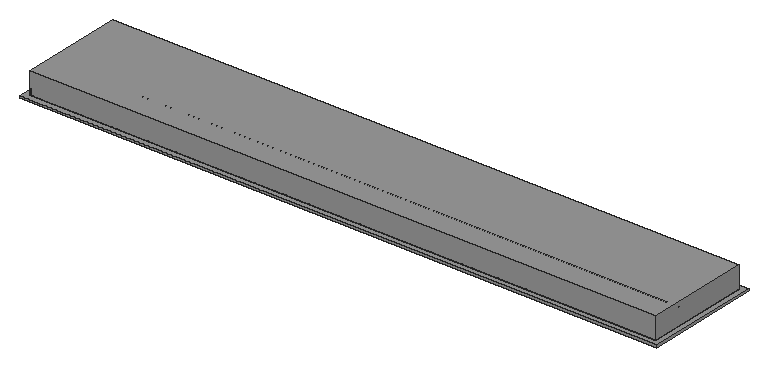
Revit family "63_UN_LEDPanel_RTP-XM 1496x296_Norton", category Lighting Fixtures, Revit 2019
Family settings
  Round Connector Dimension = Use Diameter
  Part Type = Normal
  OmniClass Number = 23.80.70.11.14.11
  OmniClass Title = Downlights
  Work Plane-Based = No
  Always vertical = Yes
  Cut with Voids When Loaded = No
  Light Source = Yes
  Shared = No
  Room Calculation Point = Yes
Parameters (values of type "RTP-XM LED 84 2 7700LM GST NOOD")
  Wattage Comments = "60W"
  Wattage = 51.8372 W
  built-in parameter 1150110 = 1 (stored number, unit not read)
  Voltage = 230 V
  URL = "https://www.ivlibrary.com/"
  Type Comments = "1496x296"
  built-in parameter 1114217 = 1 (stored number, unit not read)
  Tilt Angle = 90.00°
  built-in parameter 1150109 = 1 (stored number, unit not read)
  built-in parameter 1150134 = 3
  Symbol_ToScale [instance] = not(Symbol_RealSize)  # no
  Symbol_RealSize [instance] = yes
  Switch Code [instance] = ""
  built-in parameter 1150113 = 1 (stored number, unit not read)
  Photometric Web File = "RTPXMLED842LM7700GST_LDT.ies"
  Model = "RTP-XM"
  Manufacturer = "Norton"
  built-in parameter 1150105 = 612.75 (stored number, unit not read)
  Luminous Flux (lm) = 7700 lm
  Lumens = 7700 lm
  built-in parameter 1150115 = 1 (stored number, unit not read)
  Luminaire Code [instance] = ""
  built-in parameter 1150137 = (empty or 0)
  built-in parameter 1150139 = (empty or 0)
  built-in parameter 1150112 = 1 (stored number, unit not read)
  built-in parameter 1150114 = 1 (stored number, unit not read)
  Lamp = "LED"
  L3 = 13 mm
  L2 = 270 mm
  L1 = 1496 mm
  built-in parameter 1150132 = 2
  built-in parameter 1150102 = (empty or 0)
  built-in parameter 1150107 = 3200 (stored number, unit not read)
  built-in parameter 1150138 = (empty or 0)
  built-in parameter 1150106 = 6.1275 (stored number, unit not read)
  IfcExportType = "USERDEFINED"
  IfcExportAs = "IfcLightFixtureType"
  ISBN Code = "-"
  IP Value = "IP20"
  IK Value = "IK07"
  Housing_Material = Laminate, White
  H1 = 50.524 mm
  GTIN Code = "-"
  Emit from Rectangle Width = L1 - (L3 * 2)  # 1470 mm
  Emit from Rectangle Length = L2 - (L3 * 2)  # 244 mm
  Emit Shape Visible in Rendering = no
  built-in parameter 1150104 = 13.8 (stored number, unit not read)
  ETIM Code = "-"
  Dimming Lamp Color Temperature Shift = <None>
  Description = ""
  Content Creator® = "www.ivlibrary.com"
  Color Filter = 16777215
  Calc_L2_Symbol = L2 / 100  # 2.7 mm
  Calc_L1_Symbol = L1 / 100  # 14.96 mm
  built-in parameter 1114218 = 1 (stored number, unit not read)
  built-in parameter 1150133 = 10 (stored number, unit not read)
  Assembly Code = "63.0"
  Apparent Load = 60 VA
Types (4, lengths in mm): name | Wattage | Photometric Web File | built-in parameter 1150105 | Luminous Flux (lm) | Lumens | built-in parameter 1150106
  RTP-XM LED 83 2 7400LM GST | 3.36605 W | "RTPXMLED832LM7400GST_LDT.ies" | 39.789 (stored number, unit not read) | 7400 lm | 3600 lm | 0.39789 (stored number, unit not read)
  RTP-XM LED 84 2 7700LM GST | 51.8372 W | "RTPXMLED842LM7700GST_LDT.ies" | 612.75 (stored number, unit not read) | 7700 lm | 7700 lm | 6.1275 (stored number, unit not read)
  RTP-XM LED 83 2 7400LM GST NOOD | 3.36605 W | "RTPXMLED832LM7400GST_LDT.ies" | 39.789 (stored number, unit not read) | 7400 lm | 3600 lm | 0.39789 (stored number, unit not read)
  RTP-XM LED 84 2 7700LM GST NOOD | 51.8372 W | "RTPXMLED842LM7700GST_LDT.ies" | 612.75 (stored number, unit not read) | 7700 lm | 7700 lm | 6.1275 (stored number, unit not read)
Reference planes
  plane 1 "Center (Front/Back)": y = 0
  plane 2: z = 0
  plane 3 "Center (Left/Right)": x = 0
  plane 4: x = -735
  plane 5: x = 735
  plane 6: y = 122
  plane 7: y = -122
  plane 8: x = -748
  plane 9: x = 748
  plane 10: y = -135
  plane 11: y = 135
Forms (mm)
  Extrusion 1, solid, material "Laminate, White" <- "Housing_Material"
    sketch origin (0, 0, 0) x (1, 0, 0) y (0, 1, 0)
      loop
        line (-735, 122) -> (-735, -122) -> (735, -122) -> (735, 122) -> (-735, 122)
    from 0 to 50.524 <- "H1"
  Extrusion 2, solid, material "Laminate, White" <- "Housing_Material"
    sketch origin (0, 0, 0) x (1, 0, 0) y (0, 1, 0)
      loop
        line (-735, 122) -> (-735, -122) -> (735, -122) -> (735, 122) -> (-735, 122)
    from 0 to -1
  Extrusion 3, solid, material "Laminate, White" <- "Housing_Material"
    sketch origin (0, 0, 0) x (1, 0, 0) y (0, 1, 0)
      loop
        line (-735, 122) -> (-735, -122) -> (735, -122) -> (735, 122) -> (-735, 122)
      loop
        line (-748, -135) -> (748, -135) -> (748, 135) -> (-748, 135) -> (-748, -135)
    from 0 to -5
  Extrusion 4, void
    sketch origin (298.809, -158.255, 0) x (0, 1, 0) y (0, 0, 1)
      loop
        line (196.881, -5) -> (279.164, -5) -> (279.164, 12.612) -> (272.11, 15.112)
        arc (272.11, 15.112) -> (268.862, 30.396) -> (259.68, 43.039) r 37.588
        line (259.68, 43.039) -> (216.366, 43.039)
        arc (216.366, 43.039) -> (205.244, 30.999) -> (201.212, 15.112) r 33.311
        line (201.212, 15.112) -> (196.881, 12.612) -> (196.881, -5)
    from 435.1 to -1032.676
  Extrusion 5, void
    sketch origin (298.809, 158.255, 0) x (0, -1, 0) y (0, 0, -1)
      loop
        line (196.881, 5) -> (196.881, -12.612) -> (201.212, -15.112)
        arc (201.212, -15.112) -> (205.244, -30.999) -> (216.366, -43.039) r 33.311
        line (216.366, -43.039) -> (259.68, -43.039)
        arc (259.68, -43.039) -> (268.862, -30.396) -> (272.11, -15.112) r 37.588
        line (272.11, -15.112) -> (279.164, -12.612) -> (279.164, 5) -> (196.881, 5)
    from 435.1 to -1032.676
  Extrusion 6, solid, material "Laminate, White" <- "Housing_Material"
    sketch origin (693.9, -158.255, 0) x (0, 1, 0) y (0, 0, 1)
      loop
        line (196.881, -1) -> (272.164, -1) -> (272.164, 12.612) -> (267.834, 15.112)
        arc (267.834, 15.112) -> (263.801, 30.999) -> (252.68, 43.039) r 33.311
        line (252.68, 43.039) -> (216.366, 43.039)
        arc (216.366, 43.039) -> (205.244, 30.999) -> (201.212, 15.112) r 33.311
        line (201.212, 15.112) -> (196.881, 12.612) -> (196.881, -1)
    from 1 to -1
  Extrusion 7, solid, material "Laminate, White" <- "Housing_Material"
    sketch origin (-688.6, -158.255, 0) x (0, 1, 0) y (0, 0, 1)
      loop
        line (196.881, -1) -> (272.164, -1) -> (272.164, 12.612) -> (267.834, 15.112)
        arc (267.834, 15.112) -> (263.801, 30.999) -> (252.68, 43.039) r 33.311
        line (252.68, 43.039) -> (216.366, 43.039)
        arc (216.366, 43.039) -> (205.244, 30.999) -> (201.212, 15.112) r 33.311
        line (201.212, 15.112) -> (196.881, 12.612) -> (196.881, -1)
    from 1 to -1
  Extrusion 8, solid, material "Laminate, White" <- "Housing_Material"
    sketch origin (617.094, -158.255, 0) x (0, 1, 0) y (0, 0, 1)
      loop
        line (196.881, -1) -> (272.164, -1) -> (272.164, 12.612) -> (267.834, 15.112)
        arc (267.834, 15.112) -> (263.801, 30.999) -> (252.68, 43.039) r 33.311
        line (252.68, 43.039) -> (216.366, 43.039)
        arc (216.366, 43.039) -> (205.244, 30.999) -> (201.212, 15.112) r 33.311
        line (201.212, 15.112) -> (196.881, 12.612) -> (196.881, -1)
    from 1 to -1
  Extrusion 9, solid, material "Laminate, White" <- "Housing_Material"
    sketch origin (540.289, -158.255, 0) x (0, 1, 0) y (0, 0, 1)
      loop
        line (196.881, -1) -> (272.164, -1) -> (272.164, 12.612) -> (267.834, 15.112)
        arc (267.834, 15.112) -> (263.801, 30.999) -> (252.68, 43.039) r 33.311
        line (252.68, 43.039) -> (216.366, 43.039)
        arc (216.366, 43.039) -> (205.244, 30.999) -> (201.212, 15.112) r 33.311
        line (201.212, 15.112) -> (196.881, 12.612) -> (196.881, -1)
    from 1 to -1
  Extrusion 10, solid, material "Laminate, White" <- "Housing_Material"
    sketch origin (463.483, -158.255, 0) x (0, 1, 0) y (0, 0, 1)
      loop
        line (196.881, -1) -> (272.164, -1) -> (272.164, 12.612) -> (267.834, 15.112)
        arc (267.834, 15.112) -> (263.801, 30.999) -> (252.68, 43.039) r 33.311
        line (252.68, 43.039) -> (216.366, 43.039)
        arc (216.366, 43.039) -> (205.244, 30.999) -> (201.212, 15.112) r 33.311
        line (201.212, 15.112) -> (196.881, 12.612) -> (196.881, -1)
    from 1 to -1
  Extrusion 11, solid, material "Laminate, White" <- "Housing_Material"
    sketch origin (386.678, -158.255, 0) x (0, 1, 0) y (0, 0, 1)
      loop
        line (196.881, -1) -> (272.164, -1) -> (272.164, 12.612) -> (267.834, 15.112)
        arc (267.834, 15.112) -> (263.801, 30.999) -> (252.68, 43.039) r 33.311
        line (252.68, 43.039) -> (216.366, 43.039)
        arc (216.366, 43.039) -> (205.244, 30.999) -> (201.212, 15.112) r 33.311
        line (201.212, 15.112) -> (196.881, 12.612) -> (196.881, -1)
    from 1 to -1
  Extrusion 12, solid, material "Laminate, White" <- "Housing_Material"
    sketch origin (309.872, -158.255, 0) x (0, 1, 0) y (0, 0, 1)
      loop
        line (196.881, -1) -> (272.164, -1) -> (272.164, 12.612) -> (267.834, 15.112)
        arc (267.834, 15.112) -> (263.801, 30.999) -> (252.68, 43.039) r 33.311
        line (252.68, 43.039) -> (216.366, 43.039)
        arc (216.366, 43.039) -> (205.244, 30.999) -> (201.212, 15.112) r 33.311
        line (201.212, 15.112) -> (196.881, 12.612) -> (196.881, -1)
    from 1 to -1
  Extrusion 13, solid, material "Laminate, White" <- "Housing_Material"
    sketch origin (233.067, -158.255, 0) x (0, 1, 0) y (0, 0, 1)
      loop
        line (196.881, -1) -> (272.164, -1) -> (272.164, 12.612) -> (267.834, 15.112)
        arc (267.834, 15.112) -> (263.801, 30.999) -> (252.68, 43.039) r 33.311
        line (252.68, 43.039) -> (216.366, 43.039)
        arc (216.366, 43.039) -> (205.244, 30.999) -> (201.212, 15.112) r 33.311
        line (201.212, 15.112) -> (196.881, 12.612) -> (196.881, -1)
    from 1 to -1
  Extrusion 14, solid, material "Laminate, White" <- "Housing_Material"
    sketch origin (156.261, -158.255, 0) x (0, 1, 0) y (0, 0, 1)
      loop
        line (196.881, -1) -> (272.164, -1) -> (272.164, 12.612) -> (267.834, 15.112)
        arc (267.834, 15.112) -> (263.801, 30.999) -> (252.68, 43.039) r 33.311
        line (252.68, 43.039) -> (216.366, 43.039)
        arc (216.366, 43.039) -> (205.244, 30.999) -> (201.212, 15.112) r 33.311
        line (201.212, 15.112) -> (196.881, 12.612) -> (196.881, -1)
    from 1 to -1
  Extrusion 15, solid, material "Laminate, White" <- "Housing_Material"
    sketch origin (79.456, -158.255, 0) x (0, 1, 0) y (0, 0, 1)
      loop
        line (196.881, -1) -> (272.164, -1) -> (272.164, 12.612) -> (267.834, 15.112)
        arc (267.834, 15.112) -> (263.801, 30.999) -> (252.68, 43.039) r 33.311
        line (252.68, 43.039) -> (216.366, 43.039)
        arc (216.366, 43.039) -> (205.244, 30.999) -> (201.212, 15.112) r 33.311
        line (201.212, 15.112) -> (196.881, 12.612) -> (196.881, -1)
    from 1 to -1
  Extrusion 16, solid, material "Laminate, White" <- "Housing_Material"
    sketch origin (2.65, -158.255, 0) x (0, 1, 0) y (0, 0, 1)
      loop
        line (196.881, -1) -> (272.164, -1) -> (272.164, 12.612) -> (267.834, 15.112)
        arc (267.834, 15.112) -> (263.801, 30.999) -> (252.68, 43.039) r 33.311
        line (252.68, 43.039) -> (216.366, 43.039)
        arc (216.366, 43.039) -> (205.244, 30.999) -> (201.212, 15.112) r 33.311
        line (201.212, 15.112) -> (196.881, 12.612) -> (196.881, -1)
    from 1 to -1
  Extrusion 17, solid, material "Laminate, White" <- "Housing_Material"
    sketch origin (-74.156, -158.255, 0) x (0, 1, 0) y (0, 0, 1)
      loop
        line (196.881, -1) -> (272.164, -1) -> (272.164, 12.612) -> (267.834, 15.112)
        arc (267.834, 15.112) -> (263.801, 30.999) -> (252.68, 43.039) r 33.311
        line (252.68, 43.039) -> (216.366, 43.039)
        arc (216.366, 43.039) -> (205.244, 30.999) -> (201.212, 15.112) r 33.311
        line (201.212, 15.112) -> (196.881, 12.612) -> (196.881, -1)
    from 1 to -1
  Extrusion 18, solid, material "Laminate, White" <- "Housing_Material"
    sketch origin (-150.961, -158.255, 0) x (0, 1, 0) y (0, 0, 1)
      loop
        line (196.881, -1) -> (272.164, -1) -> (272.164, 12.612) -> (267.834, 15.112)
        arc (267.834, 15.112) -> (263.801, 30.999) -> (252.68, 43.039) r 33.311
        line (252.68, 43.039) -> (216.366, 43.039)
        arc (216.366, 43.039) -> (205.244, 30.999) -> (201.212, 15.112) r 33.311
        line (201.212, 15.112) -> (196.881, 12.612) -> (196.881, -1)
    from 1 to -1
  Extrusion 19, solid, material "Laminate, White" <- "Housing_Material"
    sketch origin (-227.767, -158.255, 0) x (0, 1, 0) y (0, 0, 1)
      loop
        line (196.881, -1) -> (272.164, -1) -> (272.164, 12.612) -> (267.834, 15.112)
        arc (267.834, 15.112) -> (263.801, 30.999) -> (252.68, 43.039) r 33.311
        line (252.68, 43.039) -> (216.366, 43.039)
        arc (216.366, 43.039) -> (205.244, 30.999) -> (201.212, 15.112) r 33.311
        line (201.212, 15.112) -> (196.881, 12.612) -> (196.881, -1)
    from 1 to -1
  Extrusion 20, solid, material "Laminate, White" <- "Housing_Material"
    sketch origin (-304.572, -158.255, 0) x (0, 1, 0) y (0, 0, 1)
      loop
        line (196.881, -1) -> (272.164, -1) -> (272.164, 12.612) -> (267.834, 15.112)
        arc (267.834, 15.112) -> (263.801, 30.999) -> (252.68, 43.039) r 33.311
        line (252.68, 43.039) -> (216.366, 43.039)
        arc (216.366, 43.039) -> (205.244, 30.999) -> (201.212, 15.112) r 33.311
        line (201.212, 15.112) -> (196.881, 12.612) -> (196.881, -1)
    from 1 to -1
  Extrusion 21, solid, material "Laminate, White" <- "Housing_Material"
    sketch origin (-381.378, -158.255, 0) x (0, 1, 0) y (0, 0, 1)
      loop
        line (196.881, -1) -> (272.164, -1) -> (272.164, 12.612) -> (267.834, 15.112)
        arc (267.834, 15.112) -> (263.801, 30.999) -> (252.68, 43.039) r 33.311
        line (252.68, 43.039) -> (216.366, 43.039)
        arc (216.366, 43.039) -> (205.244, 30.999) -> (201.212, 15.112) r 33.311
        line (201.212, 15.112) -> (196.881, 12.612) -> (196.881, -1)
    from 1 to -1
  Extrusion 22, solid, material "Laminate, White" <- "Housing_Material"
    sketch origin (-458.183, -158.255, 0) x (0, 1, 0) y (0, 0, 1)
      loop
        line (196.881, -1) -> (272.164, -1) -> (272.164, 12.612) -> (267.834, 15.112)
        arc (267.834, 15.112) -> (263.801, 30.999) -> (252.68, 43.039) r 33.311
        line (252.68, 43.039) -> (216.366, 43.039)
        arc (216.366, 43.039) -> (205.244, 30.999) -> (201.212, 15.112) r 33.311
        line (201.212, 15.112) -> (196.881, 12.612) -> (196.881, -1)
    from 1 to -1
  Extrusion 23, solid, material "Laminate, White" <- "Housing_Material"
    sketch origin (-534.989, -158.255, 0) x (0, 1, 0) y (0, 0, 1)
      loop
        line (196.881, -1) -> (272.164, -1) -> (272.164, 12.612) -> (267.834, 15.112)
        arc (267.834, 15.112) -> (263.801, 30.999) -> (252.68, 43.039) r 33.311
        line (252.68, 43.039) -> (216.366, 43.039)
        arc (216.366, 43.039) -> (205.244, 30.999) -> (201.212, 15.112) r 33.311
        line (201.212, 15.112) -> (196.881, 12.612) -> (196.881, -1)
    from 1 to -1
  Extrusion 24, solid, material "Laminate, White" <- "Housing_Material"
    sketch origin (-611.794, -158.255, 0) x (0, 1, 0) y (0, 0, 1)
      loop
        line (196.881, -1) -> (272.164, -1) -> (272.164, 12.612) -> (267.834, 15.112)
        arc (267.834, 15.112) -> (263.801, 30.999) -> (252.68, 43.039) r 33.311
        line (252.68, 43.039) -> (216.366, 43.039)
        arc (216.366, 43.039) -> (205.244, 30.999) -> (201.212, 15.112) r 33.311
        line (201.212, 15.112) -> (196.881, 12.612) -> (196.881, -1)
    from 1 to -1
  Extrusion 25, solid, material "Glass, White, High Luminance"
    sketch origin (298.809, 307.274, 0) x (0, -1, 0) y (1, 0, 0)
      loop
        line (245.662, 435.1) -> (209.351, 435.1) -> (209.351, -1032.676) -> (245.662, -1032.676) -> (245.662, 435.1)
    from 43.039 to 41.487
  Extrusion 26, solid, material "Glass, White, High Luminance"
    sketch origin (298.809, -307.274, 0) x (0, 1, 0) y (-1, 0, 0)
      loop
        line (245.662, -435.1) -> (245.662, 1032.676) -> (209.351, 1032.676) -> (209.351, -435.1) -> (245.662, -435.1)
    from 43.039 to 41.487
  Extrusion 27, solid, material "Laminate, White" <- "Housing_Material"
    sketch origin (693.9, -158.255, 0) x (0, 1, 0) y (0, 0, 1)
      loop
        line (119.629, -1) -> (119.629, 12.612) -> (115.299, 15.112)
        arc (115.299, 15.112) -> (111.266, 30.999) -> (100.144, 43.039) r 33.311
        line (100.144, 43.039) -> (63.831, 43.039)
        arc (63.831, 43.039) -> (52.709, 30.999) -> (48.676, 15.112) r 33.311
        line (48.676, 15.112) -> (44.346, 12.612) -> (44.346, -1) -> (119.629, -1)
    from 1 to -1
  Extrusion 28, solid, material "Laminate, White" <- "Housing_Material"
    sketch origin (-688.6, -158.255, 0) x (0, 1, 0) y (0, 0, 1)
      loop
        line (119.629, -1) -> (119.629, 12.612) -> (115.299, 15.112)
        arc (115.299, 15.112) -> (111.266, 30.999) -> (100.144, 43.039) r 33.311
        line (100.144, 43.039) -> (63.831, 43.039)
        arc (63.831, 43.039) -> (52.709, 30.999) -> (48.676, 15.112) r 33.311
        line (48.676, 15.112) -> (44.346, 12.612) -> (44.346, -1) -> (119.629, -1)
    from 1 to -1
  Extrusion 29, solid, material "Laminate, White" <- "Housing_Material"
    sketch origin (617.094, -158.255, 0) x (0, 1, 0) y (0, 0, 1)
      loop
        line (119.629, -1) -> (119.629, 12.612) -> (115.299, 15.112)
        arc (115.299, 15.112) -> (111.266, 30.999) -> (100.144, 43.039) r 33.311
        line (100.144, 43.039) -> (63.831, 43.039)
        arc (63.831, 43.039) -> (52.709, 30.999) -> (48.676, 15.112) r 33.311
        line (48.676, 15.112) -> (44.346, 12.612) -> (44.346, -1) -> (119.629, -1)
    from 1 to -1
  Extrusion 30, solid, material "Laminate, White" <- "Housing_Material"
    sketch origin (540.289, -158.255, 0) x (0, 1, 0) y (0, 0, 1)
      loop
        line (119.629, -1) -> (119.629, 12.612) -> (115.299, 15.112)
        arc (115.299, 15.112) -> (111.266, 30.999) -> (100.144, 43.039) r 33.311
        line (100.144, 43.039) -> (63.831, 43.039)
        arc (63.831, 43.039) -> (52.709, 30.999) -> (48.676, 15.112) r 33.311
        line (48.676, 15.112) -> (44.346, 12.612) -> (44.346, -1) -> (119.629, -1)
    from 1 to -1
  Extrusion 31, solid, material "Laminate, White" <- "Housing_Material"
    sketch origin (463.483, -158.255, 0) x (0, 1, 0) y (0, 0, 1)
      loop
        line (119.629, -1) -> (119.629, 12.612) -> (115.299, 15.112)
        arc (115.299, 15.112) -> (111.266, 30.999) -> (100.144, 43.039) r 33.311
        line (100.144, 43.039) -> (63.831, 43.039)
        arc (63.831, 43.039) -> (52.709, 30.999) -> (48.676, 15.112) r 33.311
        line (48.676, 15.112) -> (44.346, 12.612) -> (44.346, -1) -> (119.629, -1)
    from 1 to -1
  Extrusion 32, solid, material "Laminate, White" <- "Housing_Material"
    sketch origin (386.678, -158.255, 0) x (0, 1, 0) y (0, 0, 1)
      loop
        line (119.629, -1) -> (119.629, 12.612) -> (115.299, 15.112)
        arc (115.299, 15.112) -> (111.266, 30.999) -> (100.144, 43.039) r 33.311
        line (100.144, 43.039) -> (63.831, 43.039)
        arc (63.831, 43.039) -> (52.709, 30.999) -> (48.676, 15.112) r 33.311
        line (48.676, 15.112) -> (44.346, 12.612) -> (44.346, -1) -> (119.629, -1)
    from 1 to -1
  Extrusion 33, solid, material "Laminate, White" <- "Housing_Material"
    sketch origin (309.872, -158.255, 0) x (0, 1, 0) y (0, 0, 1)
      loop
        line (119.629, -1) -> (119.629, 12.612) -> (115.299, 15.112)
        arc (115.299, 15.112) -> (111.266, 30.999) -> (100.144, 43.039) r 33.311
        line (100.144, 43.039) -> (63.831, 43.039)
        arc (63.831, 43.039) -> (52.709, 30.999) -> (48.676, 15.112) r 33.311
        line (48.676, 15.112) -> (44.346, 12.612) -> (44.346, -1) -> (119.629, -1)
    from 1 to -1
  Extrusion 34, solid, material "Laminate, White" <- "Housing_Material"
    sketch origin (233.067, -158.255, 0) x (0, 1, 0) y (0, 0, 1)
      loop
        line (119.629, -1) -> (119.629, 12.612) -> (115.299, 15.112)
        arc (115.299, 15.112) -> (111.266, 30.999) -> (100.144, 43.039) r 33.311
        line (100.144, 43.039) -> (63.831, 43.039)
        arc (63.831, 43.039) -> (52.709, 30.999) -> (48.676, 15.112) r 33.311
        line (48.676, 15.112) -> (44.346, 12.612) -> (44.346, -1) -> (119.629, -1)
    from 1 to -1
  Extrusion 35, solid, material "Laminate, White" <- "Housing_Material"
    sketch origin (156.261, -158.255, 0) x (0, 1, 0) y (0, 0, 1)
      loop
        line (119.629, -1) -> (119.629, 12.612) -> (115.299, 15.112)
        arc (115.299, 15.112) -> (111.266, 30.999) -> (100.144, 43.039) r 33.311
        line (100.144, 43.039) -> (63.831, 43.039)
        arc (63.831, 43.039) -> (52.709, 30.999) -> (48.676, 15.112) r 33.311
        line (48.676, 15.112) -> (44.346, 12.612) -> (44.346, -1) -> (119.629, -1)
    from 1 to -1
  Extrusion 36, solid, material "Laminate, White" <- "Housing_Material"
    sketch origin (79.456, -158.255, 0) x (0, 1, 0) y (0, 0, 1)
      loop
        line (119.629, -1) -> (119.629, 12.612) -> (115.299, 15.112)
        arc (115.299, 15.112) -> (111.266, 30.999) -> (100.144, 43.039) r 33.311
        line (100.144, 43.039) -> (63.831, 43.039)
        arc (63.831, 43.039) -> (52.709, 30.999) -> (48.676, 15.112) r 33.311
        line (48.676, 15.112) -> (44.346, 12.612) -> (44.346, -1) -> (119.629, -1)
    from 1 to -1
  Extrusion 37, solid, material "Laminate, White" <- "Housing_Material"
    sketch origin (2.65, -158.255, 0) x (0, 1, 0) y (0, 0, 1)
      loop
        line (119.629, -1) -> (119.629, 12.612) -> (115.299, 15.112)
        arc (115.299, 15.112) -> (111.266, 30.999) -> (100.144, 43.039) r 33.311
        line (100.144, 43.039) -> (63.831, 43.039)
        arc (63.831, 43.039) -> (52.709, 30.999) -> (48.676, 15.112) r 33.311
        line (48.676, 15.112) -> (44.346, 12.612) -> (44.346, -1) -> (119.629, -1)
    from 1 to -1
  Extrusion 38, solid, material "Laminate, White" <- "Housing_Material"
    sketch origin (-74.156, -158.255, 0) x (0, 1, 0) y (0, 0, 1)
      loop
        line (119.629, -1) -> (119.629, 12.612) -> (115.299, 15.112)
        arc (115.299, 15.112) -> (111.266, 30.999) -> (100.144, 43.039) r 33.311
        line (100.144, 43.039) -> (63.831, 43.039)
        arc (63.831, 43.039) -> (52.709, 30.999) -> (48.676, 15.112) r 33.311
        line (48.676, 15.112) -> (44.346, 12.612) -> (44.346, -1) -> (119.629, -1)
    from 1 to -1
  Extrusion 39, solid, material "Laminate, White" <- "Housing_Material"
    sketch origin (-150.961, -158.255, 0) x (0, 1, 0) y (0, 0, 1)
      loop
        line (119.629, -1) -> (119.629, 12.612) -> (115.299, 15.112)
        arc (115.299, 15.112) -> (111.266, 30.999) -> (100.144, 43.039) r 33.311
        line (100.144, 43.039) -> (63.831, 43.039)
        arc (63.831, 43.039) -> (52.709, 30.999) -> (48.676, 15.112) r 33.311
        line (48.676, 15.112) -> (44.346, 12.612) -> (44.346, -1) -> (119.629, -1)
    from 1 to -1
  Extrusion 40, solid, material "Laminate, White" <- "Housing_Material"
    sketch origin (-227.767, -158.255, 0) x (0, 1, 0) y (0, 0, 1)
      loop
        line (119.629, -1) -> (119.629, 12.612) -> (115.299, 15.112)
        arc (115.299, 15.112) -> (111.266, 30.999) -> (100.144, 43.039) r 33.311
        line (100.144, 43.039) -> (63.831, 43.039)
        arc (63.831, 43.039) -> (52.709, 30.999) -> (48.676, 15.112) r 33.311
        line (48.676, 15.112) -> (44.346, 12.612) -> (44.346, -1) -> (119.629, -1)
    from 1 to -1
  Extrusion 41, solid, material "Laminate, White" <- "Housing_Material"
    sketch origin (-304.572, -158.255, 0) x (0, 1, 0) y (0, 0, 1)
      loop
        line (119.629, -1) -> (119.629, 12.612) -> (115.299, 15.112)
        arc (115.299, 15.112) -> (111.266, 30.999) -> (100.144, 43.039) r 33.311
        line (100.144, 43.039) -> (63.831, 43.039)
        arc (63.831, 43.039) -> (52.709, 30.999) -> (48.676, 15.112) r 33.311
        line (48.676, 15.112) -> (44.346, 12.612) -> (44.346, -1) -> (119.629, -1)
    from 1 to -1
  Extrusion 42, solid, material "Laminate, White" <- "Housing_Material"
    sketch origin (-381.378, -158.255, 0) x (0, 1, 0) y (0, 0, 1)
      loop
        line (119.629, -1) -> (119.629, 12.612) -> (115.299, 15.112)
        arc (115.299, 15.112) -> (111.266, 30.999) -> (100.144, 43.039) r 33.311
        line (100.144, 43.039) -> (63.831, 43.039)
        arc (63.831, 43.039) -> (52.709, 30.999) -> (48.676, 15.112) r 33.311
        line (48.676, 15.112) -> (44.346, 12.612) -> (44.346, -1) -> (119.629, -1)
    from 1 to -1
  Extrusion 43, solid, material "Laminate, White" <- "Housing_Material"
    sketch origin (-458.183, -158.255, 0) x (0, 1, 0) y (0, 0, 1)
      loop
        line (119.629, -1) -> (119.629, 12.612) -> (115.299, 15.112)
        arc (115.299, 15.112) -> (111.266, 30.999) -> (100.144, 43.039) r 33.311
        line (100.144, 43.039) -> (63.831, 43.039)
        arc (63.831, 43.039) -> (52.709, 30.999) -> (48.676, 15.112) r 33.311
        line (48.676, 15.112) -> (44.346, 12.612) -> (44.346, -1) -> (119.629, -1)
    from 1 to -1
  Extrusion 44, solid, material "Laminate, White" <- "Housing_Material"
    sketch origin (-534.989, -158.255, 0) x (0, 1, 0) y (0, 0, 1)
      loop
        line (119.629, -1) -> (119.629, 12.612) -> (115.299, 15.112)
        arc (115.299, 15.112) -> (111.266, 30.999) -> (100.144, 43.039) r 33.311
        line (100.144, 43.039) -> (63.831, 43.039)
        arc (63.831, 43.039) -> (52.709, 30.999) -> (48.676, 15.112) r 33.311
        line (48.676, 15.112) -> (44.346, 12.612) -> (44.346, -1) -> (119.629, -1)
    from 1 to -1
  Extrusion 45, solid, material "Laminate, White" <- "Housing_Material"
    sketch origin (-611.794, -158.255, 0) x (0, 1, 0) y (0, 0, 1)
      loop
        line (119.629, -1) -> (119.629, 12.612) -> (115.299, 15.112)
        arc (115.299, 15.112) -> (111.266, 30.999) -> (100.144, 43.039) r 33.311
        line (100.144, 43.039) -> (63.831, 43.039)
        arc (63.831, 43.039) -> (52.709, 30.999) -> (48.676, 15.112) r 33.311
        line (48.676, 15.112) -> (44.346, 12.612) -> (44.346, -1) -> (119.629, -1)
    from 1 to -1
  Extrusion 46, solid, material "Glass, White, High Luminance"
    sketch origin (298.809, -307.274, 0) x (0, 1, 0) y (-1, 0, 0)
      loop
        line (245.662, -435.1) -> (245.662, 1032.676) -> (209.351, 1032.676) -> (209.351, -435.1) -> (245.662, -435.1)
    from 43.039 to 41.487
Cuts and joins
  Extrusion 4, Extrusion 5 cuts Extrusion 1
  Extrusion 4, Extrusion 5 cuts Extrusion 2
  Extrusion 4 cuts Extrusion 3
Lines and regions (mm)
  symbolic lines, visible <- "Symbol_RealSize"
    curve 1: line (-748, -135, 0) -> (748, -135, 0)
    curve 2: line (-748, 135, 0) -> (-748, -135, 0)
    curve 3: line (748, 135, 0) -> (-748, 135, 0)
    curve 4: line (748, -135, 0) -> (748, 135, 0)
    curve 5: line (748, -135, 0) -> (-748, -135, 0)
Dimensions and locks
  equal spacing: plane 11, plane 1 "Center (Front/Back)", plane 10
  equal spacing: plane 8, plane 3 "Center (Left/Right)", plane 9
  "L1": plane 8 to plane 9
  "L2": plane 11 to plane 10
  "H1": Extrusion 1 to level
  "L3": plane 8 to plane 4
  "L3": plane 5 to plane 9
  "L3": plane 6 to plane 11
  "L3": plane 7 to plane 10
  aligned and locked: level to plane 2
  aligned and locked: Extrusion 1 sketch curve to plane 6
  aligned and locked: plane 4 to Extrusion 1 sketch curve
  aligned and locked: plane 7 to Extrusion 1 sketch curve
  aligned and locked: plane 5 to Extrusion 1 sketch curve
  aligned and locked: Extrusion 2 sketch curve to Extrusion 1  (x4)
  aligned and locked: plane 11 to Extrusion 3
  aligned and locked: plane 9 to Extrusion 3
  aligned and locked: plane 10 to Extrusion 3
  aligned and locked: plane 8 to Extrusion 3
  aligned and locked: plane 9 to Extrusion 3 sketch curve
  aligned and locked: plane 10 to Extrusion 3 sketch curve
  aligned and locked: plane 8 to Extrusion 3 sketch curve
  aligned and locked: plane 11 to Extrusion 3 sketch curve
  aligned and locked: plane 5 to Extrusion 3 sketch curve
  aligned and locked: Extrusion 3 sketch curve to plane 6
  aligned and locked: plane 4 to Extrusion 3 sketch curve
  aligned and locked: plane 7 to Extrusion 3 sketch curve
Automatic sketch dimensions
  Extrusion 6 sketch curve to Extrusion 6 sketch curve = 0 mm  (x4)
  Extrusion 6 sketch curve to Extrusion 6 sketch curve = 4.33 mm  (x2)
  Extrusion 6 sketch curve to Extrusion 6 sketch curve = 15.154 mm
  Extrusion 6 sketch curve to Extrusion 6 sketch curve = 33.311 mm
  Extrusion 6 sketch curve to Extrusion 6 sketch curve = 18.157 mm
  Extrusion 6 sketch curve to Extrusion 6 sketch curve = 13.612 mm  (x2)
  Extrusion 6 sketch curve to Extrusion 6 sketch curve = 2.5 mm
  Extrusion 7 sketch curve to Extrusion 7 sketch curve = 0 mm  (x4)
  Extrusion 7 sketch curve to Extrusion 7 sketch curve = 4.33 mm  (x2)
  Extrusion 7 sketch curve to Extrusion 7 sketch curve = 15.154 mm
  Extrusion 7 sketch curve to Extrusion 7 sketch curve = 33.311 mm
  Extrusion 7 sketch curve to Extrusion 7 sketch curve = 18.157 mm
  Extrusion 7 sketch curve to Extrusion 7 sketch curve = 13.612 mm  (x2)
  Extrusion 7 sketch curve to Extrusion 7 sketch curve = 2.5 mm
  Extrusion 8 sketch curve to Extrusion 8 sketch curve = 0 mm  (x4)
  Extrusion 8 sketch curve to Extrusion 8 sketch curve = 4.33 mm  (x2)
  Extrusion 8 sketch curve to Extrusion 8 sketch curve = 15.154 mm
  Extrusion 8 sketch curve to Extrusion 8 sketch curve = 33.311 mm
  Extrusion 8 sketch curve to Extrusion 8 sketch curve = 18.157 mm
  Extrusion 8 sketch curve to Extrusion 8 sketch curve = 13.612 mm  (x2)
  Extrusion 8 sketch curve to Extrusion 8 sketch curve = 2.5 mm
  Extrusion 9 sketch curve to Extrusion 9 sketch curve = 0 mm  (x4)
  Extrusion 9 sketch curve to Extrusion 9 sketch curve = 4.33 mm  (x2)
  Extrusion 9 sketch curve to Extrusion 9 sketch curve = 15.154 mm
  Extrusion 9 sketch curve to Extrusion 9 sketch curve = 33.311 mm
  Extrusion 9 sketch curve to Extrusion 9 sketch curve = 18.157 mm
  Extrusion 9 sketch curve to Extrusion 9 sketch curve = 13.612 mm  (x2)
  Extrusion 9 sketch curve to Extrusion 9 sketch curve = 2.5 mm
  Extrusion 10 sketch curve to Extrusion 10 sketch curve = 0 mm  (x4)
  Extrusion 10 sketch curve to Extrusion 10 sketch curve = 4.33 mm  (x2)
  Extrusion 10 sketch curve to Extrusion 10 sketch curve = 15.154 mm
  Extrusion 10 sketch curve to Extrusion 10 sketch curve = 33.311 mm
  Extrusion 10 sketch curve to Extrusion 10 sketch curve = 18.157 mm
  Extrusion 10 sketch curve to Extrusion 10 sketch curve = 13.612 mm  (x2)
  Extrusion 10 sketch curve to Extrusion 10 sketch curve = 2.5 mm
  Extrusion 11 sketch curve to Extrusion 11 sketch curve = 0 mm  (x4)
  Extrusion 11 sketch curve to Extrusion 11 sketch curve = 4.33 mm  (x2)
  Extrusion 11 sketch curve to Extrusion 11 sketch curve = 15.154 mm
  Extrusion 11 sketch curve to Extrusion 11 sketch curve = 33.311 mm
  Extrusion 11 sketch curve to Extrusion 11 sketch curve = 18.157 mm
  Extrusion 11 sketch curve to Extrusion 11 sketch curve = 13.612 mm  (x2)
  Extrusion 11 sketch curve to Extrusion 11 sketch curve = 2.5 mm
  Extrusion 12 sketch curve to Extrusion 12 sketch curve = 0 mm  (x4)
  Extrusion 12 sketch curve to Extrusion 12 sketch curve = 4.33 mm  (x2)
  Extrusion 12 sketch curve to Extrusion 12 sketch curve = 15.154 mm
  Extrusion 12 sketch curve to Extrusion 12 sketch curve = 33.311 mm
  Extrusion 12 sketch curve to Extrusion 12 sketch curve = 18.157 mm
  Extrusion 12 sketch curve to Extrusion 12 sketch curve = 13.612 mm  (x2)
  Extrusion 12 sketch curve to Extrusion 12 sketch curve = 2.5 mm
  Extrusion 13 sketch curve to Extrusion 13 sketch curve = 0 mm  (x4)
  Extrusion 13 sketch curve to Extrusion 13 sketch curve = 4.33 mm  (x2)
  Extrusion 13 sketch curve to Extrusion 13 sketch curve = 15.154 mm
  Extrusion 13 sketch curve to Extrusion 13 sketch curve = 33.311 mm
  Extrusion 13 sketch curve to Extrusion 13 sketch curve = 18.157 mm
  Extrusion 13 sketch curve to Extrusion 13 sketch curve = 13.612 mm  (x2)
  Extrusion 13 sketch curve to Extrusion 13 sketch curve = 2.5 mm
  Extrusion 14 sketch curve to Extrusion 14 sketch curve = 0 mm  (x4)
  Extrusion 14 sketch curve to Extrusion 14 sketch curve = 4.33 mm  (x2)
  Extrusion 14 sketch curve to Extrusion 14 sketch curve = 15.154 mm
  Extrusion 14 sketch curve to Extrusion 14 sketch curve = 33.311 mm
  Extrusion 14 sketch curve to Extrusion 14 sketch curve = 18.157 mm
  Extrusion 14 sketch curve to Extrusion 14 sketch curve = 13.612 mm  (x2)
  Extrusion 14 sketch curve to Extrusion 14 sketch curve = 2.5 mm
  Extrusion 15 sketch curve to Extrusion 15 sketch curve = 0 mm  (x4)
  Extrusion 15 sketch curve to Extrusion 15 sketch curve = 4.33 mm  (x2)
  Extrusion 15 sketch curve to Extrusion 15 sketch curve = 15.154 mm
  Extrusion 15 sketch curve to Extrusion 15 sketch curve = 33.311 mm
  Extrusion 15 sketch curve to Extrusion 15 sketch curve = 18.157 mm
  Extrusion 15 sketch curve to Extrusion 15 sketch curve = 13.612 mm  (x2)
  Extrusion 15 sketch curve to Extrusion 15 sketch curve = 2.5 mm
  Extrusion 16 sketch curve to Extrusion 16 sketch curve = 0 mm  (x4)
  Extrusion 16 sketch curve to Extrusion 16 sketch curve = 4.33 mm  (x2)
  Extrusion 16 sketch curve to Extrusion 16 sketch curve = 15.154 mm
  Extrusion 16 sketch curve to Extrusion 16 sketch curve = 33.311 mm
  Extrusion 16 sketch curve to Extrusion 16 sketch curve = 18.157 mm
  Extrusion 16 sketch curve to Extrusion 16 sketch curve = 13.612 mm  (x2)
  Extrusion 16 sketch curve to Extrusion 16 sketch curve = 2.5 mm
  Extrusion 17 sketch curve to Extrusion 17 sketch curve = 0 mm  (x4)
  Extrusion 17 sketch curve to Extrusion 17 sketch curve = 4.33 mm  (x2)
  Extrusion 17 sketch curve to Extrusion 17 sketch curve = 15.154 mm
  Extrusion 17 sketch curve to Extrusion 17 sketch curve = 33.311 mm
  Extrusion 17 sketch curve to Extrusion 17 sketch curve = 18.157 mm
  Extrusion 17 sketch curve to Extrusion 17 sketch curve = 13.612 mm  (x2)
  Extrusion 17 sketch curve to Extrusion 17 sketch curve = 2.5 mm
  Extrusion 18 sketch curve to Extrusion 18 sketch curve = 0 mm  (x4)
  Extrusion 18 sketch curve to Extrusion 18 sketch curve = 4.33 mm  (x2)
  Extrusion 18 sketch curve to Extrusion 18 sketch curve = 15.154 mm
  Extrusion 18 sketch curve to Extrusion 18 sketch curve = 33.311 mm
  Extrusion 18 sketch curve to Extrusion 18 sketch curve = 18.157 mm
  Extrusion 18 sketch curve to Extrusion 18 sketch curve = 13.612 mm  (x2)
  Extrusion 18 sketch curve to Extrusion 18 sketch curve = 2.5 mm
  Extrusion 19 sketch curve to Extrusion 19 sketch curve = 0 mm  (x4)
  Extrusion 19 sketch curve to Extrusion 19 sketch curve = 4.33 mm  (x2)
  Extrusion 19 sketch curve to Extrusion 19 sketch curve = 15.154 mm
  Extrusion 19 sketch curve to Extrusion 19 sketch curve = 33.311 mm
  Extrusion 19 sketch curve to Extrusion 19 sketch curve = 18.157 mm
  Extrusion 19 sketch curve to Extrusion 19 sketch curve = 13.612 mm  (x2)
  Extrusion 19 sketch curve to Extrusion 19 sketch curve = 2.5 mm
  Extrusion 20 sketch curve to Extrusion 20 sketch curve = 0 mm  (x4)
  Extrusion 20 sketch curve to Extrusion 20 sketch curve = 4.33 mm  (x2)
  Extrusion 20 sketch curve to Extrusion 20 sketch curve = 15.154 mm
  Extrusion 20 sketch curve to Extrusion 20 sketch curve = 33.311 mm
  Extrusion 20 sketch curve to Extrusion 20 sketch curve = 18.157 mm
  Extrusion 20 sketch curve to Extrusion 20 sketch curve = 13.612 mm  (x2)
  Extrusion 20 sketch curve to Extrusion 20 sketch curve = 2.5 mm
  Extrusion 21 sketch curve to Extrusion 21 sketch curve = 0 mm  (x4)
  Extrusion 21 sketch curve to Extrusion 21 sketch curve = 4.33 mm  (x2)
  Extrusion 21 sketch curve to Extrusion 21 sketch curve = 15.154 mm
  Extrusion 21 sketch curve to Extrusion 21 sketch curve = 33.311 mm
  Extrusion 21 sketch curve to Extrusion 21 sketch curve = 18.157 mm
  Extrusion 21 sketch curve to Extrusion 21 sketch curve = 13.612 mm  (x2)
  Extrusion 21 sketch curve to Extrusion 21 sketch curve = 2.5 mm
  Extrusion 22 sketch curve to Extrusion 22 sketch curve = 0 mm  (x4)
  Extrusion 22 sketch curve to Extrusion 22 sketch curve = 4.33 mm  (x2)
  Extrusion 22 sketch curve to Extrusion 22 sketch curve = 15.154 mm
  Extrusion 22 sketch curve to Extrusion 22 sketch curve = 33.311 mm
  Extrusion 22 sketch curve to Extrusion 22 sketch curve = 18.157 mm
  Extrusion 22 sketch curve to Extrusion 22 sketch curve = 13.612 mm  (x2)
  Extrusion 22 sketch curve to Extrusion 22 sketch curve = 2.5 mm
  Extrusion 23 sketch curve to Extrusion 23 sketch curve = 0 mm  (x4)
  Extrusion 23 sketch curve to Extrusion 23 sketch curve = 4.33 mm  (x2)
  Extrusion 23 sketch curve to Extrusion 23 sketch curve = 15.154 mm
  Extrusion 23 sketch curve to Extrusion 23 sketch curve = 33.311 mm
  Extrusion 23 sketch curve to Extrusion 23 sketch curve = 18.157 mm
  Extrusion 23 sketch curve to Extrusion 23 sketch curve = 13.612 mm  (x2)
  Extrusion 23 sketch curve to Extrusion 23 sketch curve = 2.5 mm
  Extrusion 24 sketch curve to Extrusion 24 sketch curve = 0 mm  (x4)
  Extrusion 24 sketch curve to Extrusion 24 sketch curve = 4.33 mm  (x2)
  Extrusion 24 sketch curve to Extrusion 24 sketch curve = 15.154 mm
  Extrusion 24 sketch curve to Extrusion 24 sketch curve = 33.311 mm
  Extrusion 24 sketch curve to Extrusion 24 sketch curve = 18.157 mm
  Extrusion 24 sketch curve to Extrusion 24 sketch curve = 13.612 mm  (x2)
  Extrusion 24 sketch curve to Extrusion 24 sketch curve = 2.5 mm
  Extrusion 27 sketch curve to Extrusion 27 sketch curve = 0 mm  (x4)
  Extrusion 27 sketch curve to Extrusion 27 sketch curve = 4.33 mm  (x2)
  Extrusion 27 sketch curve to Extrusion 27 sketch curve = 15.154 mm
  Extrusion 27 sketch curve to Extrusion 27 sketch curve = 33.311 mm
  Extrusion 27 sketch curve to Extrusion 27 sketch curve = 18.157 mm
  Extrusion 27 sketch curve to Extrusion 27 sketch curve = 13.612 mm  (x2)
  Extrusion 27 sketch curve to Extrusion 27 sketch curve = 2.5 mm
  Extrusion 28 sketch curve to Extrusion 28 sketch curve = 0 mm  (x4)
  Extrusion 28 sketch curve to Extrusion 28 sketch curve = 4.33 mm  (x2)
  Extrusion 28 sketch curve to Extrusion 28 sketch curve = 15.154 mm
  Extrusion 28 sketch curve to Extrusion 28 sketch curve = 33.311 mm
  Extrusion 28 sketch curve to Extrusion 28 sketch curve = 18.157 mm
  Extrusion 28 sketch curve to Extrusion 28 sketch curve = 13.612 mm  (x2)
  Extrusion 28 sketch curve to Extrusion 28 sketch curve = 2.5 mm
  Extrusion 29 sketch curve to Extrusion 29 sketch curve = 0 mm  (x4)
  Extrusion 29 sketch curve to Extrusion 29 sketch curve = 4.33 mm  (x2)
  Extrusion 29 sketch curve to Extrusion 29 sketch curve = 15.154 mm
  Extrusion 29 sketch curve to Extrusion 29 sketch curve = 33.311 mm
  Extrusion 29 sketch curve to Extrusion 29 sketch curve = 18.157 mm
  Extrusion 29 sketch curve to Extrusion 29 sketch curve = 13.612 mm  (x2)
  Extrusion 29 sketch curve to Extrusion 29 sketch curve = 2.5 mm
  Extrusion 30 sketch curve to Extrusion 30 sketch curve = 0 mm  (x4)
  Extrusion 30 sketch curve to Extrusion 30 sketch curve = 4.33 mm  (x2)
  Extrusion 30 sketch curve to Extrusion 30 sketch curve = 15.154 mm
  Extrusion 30 sketch curve to Extrusion 30 sketch curve = 33.311 mm
  Extrusion 30 sketch curve to Extrusion 30 sketch curve = 18.157 mm
  Extrusion 30 sketch curve to Extrusion 30 sketch curve = 13.612 mm  (x2)
  Extrusion 30 sketch curve to Extrusion 30 sketch curve = 2.5 mm
  Extrusion 31 sketch curve to Extrusion 31 sketch curve = 0 mm  (x4)
  Extrusion 31 sketch curve to Extrusion 31 sketch curve = 4.33 mm  (x2)
  Extrusion 31 sketch curve to Extrusion 31 sketch curve = 15.154 mm
  Extrusion 31 sketch curve to Extrusion 31 sketch curve = 33.311 mm
  Extrusion 31 sketch curve to Extrusion 31 sketch curve = 18.157 mm
  Extrusion 31 sketch curve to Extrusion 31 sketch curve = 13.612 mm  (x2)
  Extrusion 31 sketch curve to Extrusion 31 sketch curve = 2.5 mm
  Extrusion 32 sketch curve to Extrusion 32 sketch curve = 0 mm  (x4)
  Extrusion 32 sketch curve to Extrusion 32 sketch curve = 4.33 mm  (x2)
  Extrusion 32 sketch curve to Extrusion 32 sketch curve = 15.154 mm
  Extrusion 32 sketch curve to Extrusion 32 sketch curve = 33.311 mm
  Extrusion 32 sketch curve to Extrusion 32 sketch curve = 18.157 mm
  Extrusion 32 sketch curve to Extrusion 32 sketch curve = 13.612 mm  (x2)
  Extrusion 32 sketch curve to Extrusion 32 sketch curve = 2.5 mm
  Extrusion 33 sketch curve to Extrusion 33 sketch curve = 0 mm  (x4)
  Extrusion 33 sketch curve to Extrusion 33 sketch curve = 4.33 mm  (x2)
  Extrusion 33 sketch curve to Extrusion 33 sketch curve = 15.154 mm
  Extrusion 33 sketch curve to Extrusion 33 sketch curve = 33.311 mm
  Extrusion 33 sketch curve to Extrusion 33 sketch curve = 18.157 mm
  Extrusion 33 sketch curve to Extrusion 33 sketch curve = 13.612 mm  (x2)
  Extrusion 33 sketch curve to Extrusion 33 sketch curve = 2.5 mm
  Extrusion 34 sketch curve to Extrusion 34 sketch curve = 0 mm  (x4)
  Extrusion 34 sketch curve to Extrusion 34 sketch curve = 4.33 mm  (x2)
  Extrusion 34 sketch curve to Extrusion 34 sketch curve = 15.154 mm
  Extrusion 34 sketch curve to Extrusion 34 sketch curve = 33.311 mm
  Extrusion 34 sketch curve to Extrusion 34 sketch curve = 18.157 mm
  Extrusion 34 sketch curve to Extrusion 34 sketch curve = 13.612 mm  (x2)
  Extrusion 34 sketch curve to Extrusion 34 sketch curve = 2.5 mm
  Extrusion 35 sketch curve to Extrusion 35 sketch curve = 0 mm  (x4)
  Extrusion 35 sketch curve to Extrusion 35 sketch curve = 4.33 mm  (x2)
  Extrusion 35 sketch curve to Extrusion 35 sketch curve = 15.154 mm
  Extrusion 35 sketch curve to Extrusion 35 sketch curve = 33.311 mm
  Extrusion 35 sketch curve to Extrusion 35 sketch curve = 18.157 mm
  Extrusion 35 sketch curve to Extrusion 35 sketch curve = 13.612 mm  (x2)
  Extrusion 35 sketch curve to Extrusion 35 sketch curve = 2.5 mm
  Extrusion 36 sketch curve to Extrusion 36 sketch curve = 0 mm  (x4)
  Extrusion 36 sketch curve to Extrusion 36 sketch curve = 4.33 mm  (x2)
  Extrusion 36 sketch curve to Extrusion 36 sketch curve = 15.154 mm
  Extrusion 36 sketch curve to Extrusion 36 sketch curve = 33.311 mm
  Extrusion 36 sketch curve to Extrusion 36 sketch curve = 18.157 mm
  Extrusion 36 sketch curve to Extrusion 36 sketch curve = 13.612 mm  (x2)
  Extrusion 36 sketch curve to Extrusion 36 sketch curve = 2.5 mm
  Extrusion 37 sketch curve to Extrusion 37 sketch curve = 0 mm  (x4)
  Extrusion 37 sketch curve to Extrusion 37 sketch curve = 4.33 mm  (x2)
  Extrusion 37 sketch curve to Extrusion 37 sketch curve = 15.154 mm
  Extrusion 37 sketch curve to Extrusion 37 sketch curve = 33.311 mm
  Extrusion 37 sketch curve to Extrusion 37 sketch curve = 18.157 mm
  Extrusion 37 sketch curve to Extrusion 37 sketch curve = 13.612 mm  (x2)
  Extrusion 37 sketch curve to Extrusion 37 sketch curve = 2.5 mm
  Extrusion 38 sketch curve to Extrusion 38 sketch curve = 0 mm  (x4)
  Extrusion 38 sketch curve to Extrusion 38 sketch curve = 4.33 mm  (x2)
  Extrusion 38 sketch curve to Extrusion 38 sketch curve = 15.154 mm
  Extrusion 38 sketch curve to Extrusion 38 sketch curve = 33.311 mm
  Extrusion 38 sketch curve to Extrusion 38 sketch curve = 18.157 mm
  Extrusion 38 sketch curve to Extrusion 38 sketch curve = 13.612 mm  (x2)
  Extrusion 38 sketch curve to Extrusion 38 sketch curve = 2.5 mm
  Extrusion 39 sketch curve to Extrusion 39 sketch curve = 0 mm  (x4)
  Extrusion 39 sketch curve to Extrusion 39 sketch curve = 4.33 mm  (x2)
  Extrusion 39 sketch curve to Extrusion 39 sketch curve = 15.154 mm
  Extrusion 39 sketch curve to Extrusion 39 sketch curve = 33.311 mm
  Extrusion 39 sketch curve to Extrusion 39 sketch curve = 18.157 mm
  Extrusion 39 sketch curve to Extrusion 39 sketch curve = 13.612 mm  (x2)
  Extrusion 39 sketch curve to Extrusion 39 sketch curve = 2.5 mm
  Extrusion 40 sketch curve to Extrusion 40 sketch curve = 0 mm  (x4)
  Extrusion 40 sketch curve to Extrusion 40 sketch curve = 4.33 mm  (x2)
  Extrusion 40 sketch curve to Extrusion 40 sketch curve = 15.154 mm
  Extrusion 40 sketch curve to Extrusion 40 sketch curve = 33.311 mm
  Extrusion 40 sketch curve to Extrusion 40 sketch curve = 18.157 mm
  Extrusion 40 sketch curve to Extrusion 40 sketch curve = 13.612 mm  (x2)
  Extrusion 40 sketch curve to Extrusion 40 sketch curve = 2.5 mm
  Extrusion 41 sketch curve to Extrusion 41 sketch curve = 0 mm  (x4)
  Extrusion 41 sketch curve to Extrusion 41 sketch curve = 4.33 mm  (x2)
  Extrusion 41 sketch curve to Extrusion 41 sketch curve = 15.154 mm
  Extrusion 41 sketch curve to Extrusion 41 sketch curve = 33.311 mm
  Extrusion 41 sketch curve to Extrusion 41 sketch curve = 18.157 mm
  Extrusion 41 sketch curve to Extrusion 41 sketch curve = 13.612 mm  (x2)
  Extrusion 41 sketch curve to Extrusion 41 sketch curve = 2.5 mm
  Extrusion 42 sketch curve to Extrusion 42 sketch curve = 0 mm  (x4)
  Extrusion 42 sketch curve to Extrusion 42 sketch curve = 4.33 mm  (x2)
  Extrusion 42 sketch curve to Extrusion 42 sketch curve = 15.154 mm
  Extrusion 42 sketch curve to Extrusion 42 sketch curve = 33.311 mm
  Extrusion 42 sketch curve to Extrusion 42 sketch curve = 18.157 mm
  Extrusion 42 sketch curve to Extrusion 42 sketch curve = 13.612 mm  (x2)
  Extrusion 42 sketch curve to Extrusion 42 sketch curve = 2.5 mm
  Extrusion 43 sketch curve to Extrusion 43 sketch curve = 0 mm  (x4)
  Extrusion 43 sketch curve to Extrusion 43 sketch curve = 4.33 mm  (x2)
  Extrusion 43 sketch curve to Extrusion 43 sketch curve = 15.154 mm
  Extrusion 43 sketch curve to Extrusion 43 sketch curve = 33.311 mm
  Extrusion 43 sketch curve to Extrusion 43 sketch curve = 18.157 mm
  Extrusion 43 sketch curve to Extrusion 43 sketch curve = 13.612 mm  (x2)
  Extrusion 43 sketch curve to Extrusion 43 sketch curve = 2.5 mm
  Extrusion 44 sketch curve to Extrusion 44 sketch curve = 0 mm  (x4)
  Extrusion 44 sketch curve to Extrusion 44 sketch curve = 4.33 mm  (x2)
  Extrusion 44 sketch curve to Extrusion 44 sketch curve = 15.154 mm
  Extrusion 44 sketch curve to Extrusion 44 sketch curve = 33.311 mm
  Extrusion 44 sketch curve to Extrusion 44 sketch curve = 18.157 mm
  Extrusion 44 sketch curve to Extrusion 44 sketch curve = 13.612 mm  (x2)
  Extrusion 44 sketch curve to Extrusion 44 sketch curve = 2.5 mm
  Extrusion 45 sketch curve to Extrusion 45 sketch curve = 0 mm  (x4)
  Extrusion 45 sketch curve to Extrusion 45 sketch curve = 4.33 mm  (x2)
  Extrusion 45 sketch curve to Extrusion 45 sketch curve = 15.154 mm
  Extrusion 45 sketch curve to Extrusion 45 sketch curve = 33.311 mm
  Extrusion 45 sketch curve to Extrusion 45 sketch curve = 18.157 mm
  Extrusion 45 sketch curve to Extrusion 45 sketch curve = 13.612 mm  (x2)
  Extrusion 45 sketch curve to Extrusion 45 sketch curve = 2.5 mm
  curve 1 to plane 8 = 0 mm
  curve 4 to plane 9 = 0 mm
  curve 1 to plane 10 = 0 mm
  plane 11 to curve 4 = 0 mm
  Extrusion 4 sketch curve to Extrusion 4 sketch curve = 0 mm  (x2)
  Extrusion 4 sketch curve to level = 5 mm
  Extrusion 4 sketch curve to plane 1 "Center (Front/Back)" = 38.626 mm
  Extrusion 4 sketch curve to Extrusion 4 sketch curve = 4.33 mm
  Extrusion 4 sketch curve to Extrusion 4 sketch curve = 15.154 mm
  Extrusion 4 sketch curve to Extrusion 4 sketch curve = 18.157 mm
  Extrusion 4 sketch curve to plane 6 = 20.575 mm
  Extrusion 4 sketch curve to plane 6 = 1.091 mm
  level to Extrusion 4 sketch curve = 12.612 mm  (x2)
  Extrusion 4 sketch curve to Extrusion 4 sketch curve = 2.5 mm
  Extrusion 5 sketch curve to Extrusion 5 sketch curve = 0 mm  (x2)
  Extrusion 5 sketch curve to level = 5 mm
  plane 1 "Center (Front/Back)" to Extrusion 5 sketch curve = 38.626 mm
  Extrusion 5 sketch curve to Extrusion 5 sketch curve = 4.33 mm
  Extrusion 5 sketch curve to Extrusion 5 sketch curve = 15.154 mm
  Extrusion 5 sketch curve to Extrusion 5 sketch curve = 33.311 mm
  plane 7 to Extrusion 5 sketch curve = 20.575 mm
  plane 7 to Extrusion 5 sketch curve = 1.091 mm
  level to Extrusion 5 sketch curve = 12.612 mm  (x2)
  Extrusion 5 sketch curve to Extrusion 5 sketch curve = 2.5 mm
  plane 5 to Extrusion 25 sketch curve = 1.091 mm
  Extrusion 25 sketch curve to plane 6 = 24.077 mm
  plane 4 to Extrusion 25 sketch curve = 1.133 mm
  Extrusion 25 sketch curve to Extrusion 25 sketch curve = 36.311 mm
  plane 5 to Extrusion 26 sketch curve = 1.091 mm
  plane 7 to Extrusion 26 sketch curve = 24.077 mm
  plane 4 to Extrusion 26 sketch curve = 1.133 mm
  Extrusion 26 sketch curve to Extrusion 26 sketch curve = 36.311 mm
  plane 5 to Extrusion 46 sketch curve = 1.091 mm
  plane 7 to Extrusion 46 sketch curve = 24.077 mm
  plane 4 to Extrusion 46 sketch curve = 1.133 mm
  Extrusion 46 sketch curve to Extrusion 46 sketch curve = 36.311 mm
  Extrusion 6 sketch curve to level = 1 mm
  Extrusion 6 sketch curve to plane 1 "Center (Front/Back)" = 38.626 mm
  Extrusion 7 sketch curve to level = 1 mm
  Extrusion 7 sketch curve to plane 1 "Center (Front/Back)" = 38.626 mm
  Extrusion 8 sketch curve to level = 1 mm
  Extrusion 8 sketch curve to plane 1 "Center (Front/Back)" = 38.626 mm
  Extrusion 9 sketch curve to level = 1 mm
  Extrusion 9 sketch curve to plane 1 "Center (Front/Back)" = 38.626 mm
  Extrusion 10 sketch curve to level = 1 mm
  Extrusion 10 sketch curve to plane 1 "Center (Front/Back)" = 38.626 mm
  Extrusion 11 sketch curve to level = 1 mm
  Extrusion 11 sketch curve to plane 1 "Center (Front/Back)" = 38.626 mm
  Extrusion 12 sketch curve to level = 1 mm
  Extrusion 12 sketch curve to plane 1 "Center (Front/Back)" = 38.626 mm
  Extrusion 13 sketch curve to level = 1 mm
  Extrusion 13 sketch curve to plane 1 "Center (Front/Back)" = 38.626 mm
  Extrusion 14 sketch curve to level = 1 mm
  Extrusion 14 sketch curve to plane 1 "Center (Front/Back)" = 38.626 mm
  Extrusion 15 sketch curve to level = 1 mm
  Extrusion 15 sketch curve to plane 1 "Center (Front/Back)" = 38.626 mm
  Extrusion 16 sketch curve to level = 1 mm
  Extrusion 16 sketch curve to plane 1 "Center (Front/Back)" = 38.626 mm
  Extrusion 17 sketch curve to level = 1 mm
  Extrusion 17 sketch curve to plane 1 "Center (Front/Back)" = 38.626 mm
  Extrusion 18 sketch curve to level = 1 mm
  Extrusion 18 sketch curve to plane 1 "Center (Front/Back)" = 38.626 mm
  Extrusion 19 sketch curve to level = 1 mm
  Extrusion 19 sketch curve to plane 1 "Center (Front/Back)" = 38.626 mm
  Extrusion 20 sketch curve to level = 1 mm
  Extrusion 20 sketch curve to plane 1 "Center (Front/Back)" = 38.626 mm
  Extrusion 21 sketch curve to level = 1 mm
  Extrusion 21 sketch curve to plane 1 "Center (Front/Back)" = 38.626 mm
  Extrusion 22 sketch curve to level = 1 mm
  Extrusion 22 sketch curve to plane 1 "Center (Front/Back)" = 38.626 mm
  Extrusion 23 sketch curve to level = 1 mm
  Extrusion 23 sketch curve to plane 1 "Center (Front/Back)" = 38.626 mm
  Extrusion 24 sketch curve to level = 1 mm
  Extrusion 24 sketch curve to plane 1 "Center (Front/Back)" = 38.626 mm
  Extrusion 27 sketch curve to level = 1 mm
  plane 7 to Extrusion 27 sketch curve = 8.091 mm
  Extrusion 28 sketch curve to level = 1 mm
  plane 7 to Extrusion 28 sketch curve = 8.091 mm
  Extrusion 29 sketch curve to level = 1 mm
  plane 7 to Extrusion 29 sketch curve = 8.091 mm
  Extrusion 30 sketch curve to level = 1 mm
  plane 7 to Extrusion 30 sketch curve = 8.091 mm
  Extrusion 31 sketch curve to level = 1 mm
  plane 7 to Extrusion 31 sketch curve = 8.091 mm
  Extrusion 32 sketch curve to level = 1 mm
  plane 7 to Extrusion 32 sketch curve = 8.091 mm
  Extrusion 33 sketch curve to level = 1 mm
  plane 7 to Extrusion 33 sketch curve = 8.091 mm
  Extrusion 34 sketch curve to level = 1 mm
  plane 7 to Extrusion 34 sketch curve = 8.091 mm
  Extrusion 35 sketch curve to level = 1 mm
  plane 7 to Extrusion 35 sketch curve = 8.091 mm
  Extrusion 36 sketch curve to level = 1 mm
  plane 7 to Extrusion 36 sketch curve = 8.091 mm
  Extrusion 37 sketch curve to level = 1 mm
  plane 7 to Extrusion 37 sketch curve = 8.091 mm
  Extrusion 38 sketch curve to level = 1 mm
  plane 7 to Extrusion 38 sketch curve = 8.091 mm
  Extrusion 39 sketch curve to level = 1 mm
  plane 7 to Extrusion 39 sketch curve = 8.091 mm
  Extrusion 40 sketch curve to level = 1 mm
  plane 7 to Extrusion 40 sketch curve = 8.091 mm
  Extrusion 41 sketch curve to level = 1 mm
  plane 7 to Extrusion 41 sketch curve = 8.091 mm
  Extrusion 42 sketch curve to level = 1 mm
  plane 7 to Extrusion 42 sketch curve = 8.091 mm
  Extrusion 43 sketch curve to level = 1 mm
  plane 7 to Extrusion 43 sketch curve = 8.091 mm
  Extrusion 44 sketch curve to level = 1 mm
  plane 7 to Extrusion 44 sketch curve = 8.091 mm
  Extrusion 45 sketch curve to level = 1 mm
  plane 7 to Extrusion 45 sketch curve = 8.091 mm
Nested families
  nested 1: "Parametric LED Panel Symbol" at (0, 0, 0), L1 <- "Calc_L1_Symbol", L2 <- "Calc_L2_Symbol", visible <- "Symbol_ToScale", type "Parametric LED Panel Symbol"
    with L2 2.7 mm, L1 14.96 mm
Connectors
  electrical at (0, 0, 0), driven by "Voltage", driven by "Apparent Load"
    settings: index 1, voltage 230 V, apparent load 0 VA, apparent load phase1 60 VA, apparent load phase2 0 VA, apparent load phase3 0 VA, power factor 1, load classification "Lighting", number of poles 1, system type 31, power factor state 1, is connector primary yes, connector utility no, sub classification motor no, connector description ""
Definition of nested family "Parametric LED Panel Symbol"
  Parameters (values of type "Parametric LED Panel Symbol")
    L2 [instance] = 4.484 mm
    L1 [instance] = 6.437 mm
  Reference planes
    plane 1: y = 0
    plane 2: x = 0
  Lines and regions (mm)
    detail lines
      curve 1: line (-3.219, 2.242, 0) -> (3.219, 2.242, 0)
      curve 2: line (-3.219, -2.242, 0) -> (-3.219, 2.242, 0)
      curve 3: line (3.219, -2.242, 0) -> (-3.219, -2.242, 0)
      curve 4: line (3.219, 2.242, 0) -> (3.219, -2.242, 0)
  Dimensions and locks
    equal spacing: curve 2, plane 2, curve 4
    equal spacing: curve 3, plane 1, curve 1
    "L1": curve 2 to curve 4
    "L2": curve 3 to curve 1
